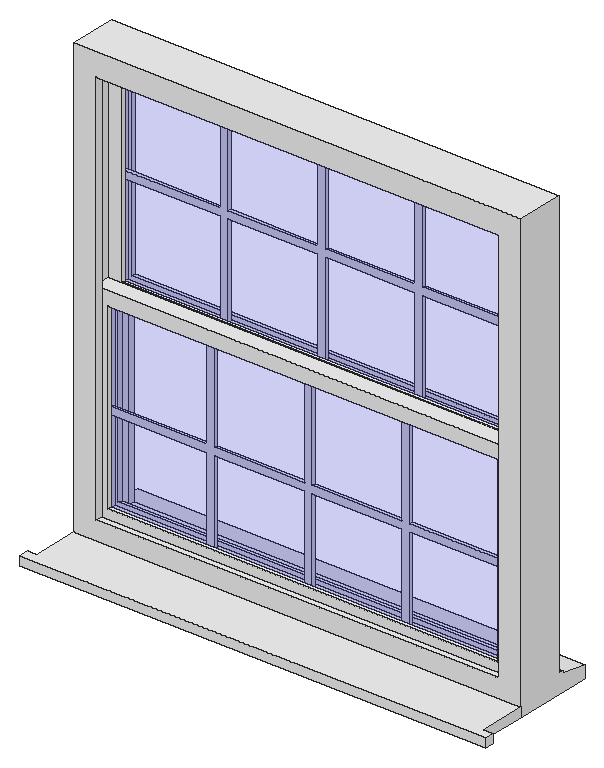
Revit family
Parameters
  Wrap Layers (Ext) from Ext = 102.5 mm
  Wrap Layers (Int) from Ext = 177.5 mm
  Window Board Projection = 25.0 mm
  Window Board Extension = 25.0 mm
  Vis - Glazing Bars = yes
  Vis - Cavity Closers = yes
  Rough Width = Width  # 1200.0 mm
  Rough Height = Height  # 1200.0 mm
  Material Trim = Window Frame
  Material Glazing Bars = Window Frame
  Material Glass = Glass
  Material Frame = Window Frame
  Manufacturer = "Revit"
  Height = 1200.0 mm
  Wall Closure = (empty or 0)
  Width = 1200.0 mm
  Glazing Thickness = 24.0 mm
  Glazing Bar Thickness = 20.0 mm
  FrameOffset - External = 68.0 mm
  Frame Depth = 90.0 mm
  Default Head Height = 2110.0 mm
  Cill Depth = 87.5 mm
  Cavity Closer Width = 50.0 mm
  Cavity Closer Offset from Ext = 102.5 mm
  Cavity Closer Depth = 85.0 mm
Reference planes
  plane 1: y = 0
  plane 2 "Center (Left/Right)": x = -285
  plane 3 "Left": x = -885
  plane 4 "Right": x = 315
  plane 5 "Cill": z = 910
  plane 6 "Head": z = 2110
  plane 7 "Exterior": y = 158.457
  plane 8 "Interior": y = -141.543
  plane 9 "Back of Window": y = 0.457
  plane 10 "Wall Closure": y = 55.957
  plane 11 "Front Cill": y = 195.957
  plane 12 "Front Window Board": y = -166.543
  plane 13 "RHS Window Board": x = 340
  plane 14 "LHS Window Board": x = -910
  plane 15 "Ext Leaf Back": y = 55.957
  plane 16 "Face Window": y = 108.457
  plane 17 "Front of Window": y = 90.457
  plane 18 "C/L window": y = 45.457
  plane 19: z = 1510
  plane 20: y = 22.957
  plane 21: y = 67.957
  plane 22: x = -23.536
  plane 23: x = -546.464
  plane 24: z = 1235.25
  plane 25: z = 1783.964
  plane 26: y = -19.043
  plane 27: x = 237.929
  plane 28: x = -807.929
  plane 29: z = 2032.929
  plane 30: z = 1535
  plane 31: z = 1497.5
  plane 32: z = 973
Forms (mm)
  Extrusion 1, solid, material "Window Frame" <- "Material Trim", detail levels medium+fine
    sketch origin (0, 0, 910) x (0, -1, 0) y (-1, 0, 0)
      loop
        line (141.543, 910) -> (141.543, 885) -> (17.543, 885) -> (17.543, -315) -> (141.543, -315) -> (141.543, -340) -> (166.543, -340) -> (166.543, 910) -> (141.543, 910)
    from 0 to -25
  Extrusion 2, solid, material "Window Frame" <- "Material Frame"
    sketch origin (-285, 0, 0) x (0, 1, 0) y (0, 0, 1)
      loop
        line (-17.543, 910) -> (195.957, 910) -> (195.957, 943.809) -> (123.457, 956.555) -> (123.457, 960.271) -> (108.457, 961) -> (108.457, 973) -> (0.457, 973) -> (0.457, 985) -> (-17.543, 985) -> (-17.543, 910)
    from 600 to -600
  Sweep 3, solid, material "Window Frame" <- "Material Frame"
    path origin (0, 0.457, 0) x (1, 0, 0) y (0, 0, 1)
      loop
        line (-885, 973) -> (-885, 2110) -> (315, 2110) -> (315, 973)
    profile origin (0, 0, 1541.5) x (-1, 0, 0) y (0, -1, 0)
      loop
        line (885, 17.543) -> (825, 17.543) -> (825, -0.457) -> (845, -0.457) -> (845, -90.457) -> (825, -90.457) -> (825, -108.457) -> (885, -108.457) -> (885, 17.543)
  Sweep 4, solid, material "Window Frame" <- "Material Frame"
    path origin (0, 0.457, 0) x (1, 0, 0) y (0, 0, 1)
      loop
        line (285, 1545) -> (-855, 1545) -> (-855, 963) -> (285, 963) -> (285, 1545)
    profile origin (0, 0, 1254) x (0, -1, 0) y (1, 0, 0)
      loop
        line (-0.457, -845) -> (-0.457, -807.929) -> (-10.957, -807.929) -> (-10.957, -817.929) -> (-34.957, -817.929) -> (-34.957, -807.929) -> (-45.457, -807.929) -> (-45.457, -845) -> (-0.457, -845)
  Sweep 5, solid, material "Window Frame" <- "Material Frame"
    path origin (0, 90.457, 0) x (1, 0, 0) y (0, 0, 1)
      loop
        line (285, 2080.429) -> (-855, 2080.429) -> (-855, 1487.5) -> (285, 1487.5) -> (285, 2080.429)
    profile origin (0, 0, 1783.964) x (0, -1, 0) y (1, 0, 0)
      loop
        line (-45.457, -845) -> (-45.457, -807.929) -> (-55.957, -807.929) -> (-55.957, -817.929) -> (-79.957, -817.929) -> (-79.957, -807.929) -> (-90.457, -807.929) -> (-90.457, -845) -> (-45.457, -845)
  Extrusion 6, solid, material "Window Frame" <- "Material Frame", visible <- "Vis - Glazing Bars"
    sketch origin (0, 67.957, 0) x (-1, 0, 0) y (0, 0, 1)
      loop
        line (13.536, 1000.071) -> (33.536, 1000.071) -> (33.536, 1225.25) -> (275, 1225.25) -> (275, 1000.071) -> (295, 1000.071) -> (295, 1225.25) -> (536.464, 1225.25) -> (536.464, 1000.071) -> (556.464, 1000.071) -> (556.464, 1225.25) -> (817.929, 1225.25) -> (817.929, 1245.25) -> (556.464, 1245.25) -> (556.464, 1507.929) -> (536.464, 1507.929) -> (536.464, 1245.25) -> (295, 1245.25) -> (295, 1507.929) -> (275, 1507.929) -> (275, 1245.25) -> (33.536, 1245.25) -> (33.536, 1507.929) -> (13.536, 1507.929) -> (13.536, 1245.25) -> (-247.929, 1245.25) -> (-247.929, 1225.25) -> (13.536, 1225.25) -> (13.536, 1000.071)
    from -41 to -49
  Extrusion 7, solid, material "Window Frame" <- "Material Frame", visible <- "Vis - Glazing Bars"
    sketch origin (0, 67.957, 0) x (-1, 0, 0) y (0, 0, 1)
      loop
        line (13.536, 1524.571) -> (33.536, 1524.571) -> (33.536, 1773.964) -> (275, 1773.964) -> (275, 1524.571) -> (295, 1524.571) -> (295, 1773.964) -> (536.464, 1773.964) -> (536.464, 1524.571) -> (556.464, 1524.571) -> (556.464, 1773.964) -> (817.929, 1773.964) -> (817.929, 1793.964) -> (556.464, 1793.964) -> (556.464, 2042.929) -> (536.464, 2042.929) -> (536.464, 1793.964) -> (295, 1793.964) -> (295, 2042.929) -> (275, 2042.929) -> (275, 1793.964) -> (33.536, 1793.964) -> (33.536, 2042.929) -> (13.536, 2042.929) -> (13.536, 1793.964) -> (-247.929, 1793.964) -> (-247.929, 1773.964) -> (13.536, 1773.964) -> (13.536, 1524.571)
    from 4 to -4
  Extrusion 8, solid, material "Glass" <- "Material Glass"
    sketch origin (247.929, 34.957, 1507.929) x (-1, 0, 0) y (0, 0, -1)
      loop
        line (1065.858, 507.858) -> (0, 507.858) -> (0, 0) -> (1065.858, 0) -> (1065.858, 507.858)
    from 0 to 24 <- "Glazing Thickness"
  Extrusion 9, solid, material "Glass" <- "Material Glass"
    sketch origin (247.929, 79.957, 2043.358) x (-1, 0, 0) y (0, 0, -1)
      loop
        line (0, 0.429) -> (1065.858, 0.429) -> (1065.858, 518.787) -> (0, 518.787) -> (0, 0.429)
    from 0 to 24 <- "Glazing Thickness"
Cuts and joins
  joined: Extrusion 2, Sweep 3
Lines and regions (mm)
  Opening 1
    outline origin (-5000, -141.543, 0) x (1, 0, 0) y (0, 0, 1)
      loop
        line (5315, 2110) -> (4115, 2110) -> (4115, 910) -> (5315, 910) -> (5315, 2110)
  symbolic lines, style "WindowsFrameMullionProjection", detail levels coarse
    curve 1: line (285, 0, 2080) -> (285, 0, 963)
    curve 2: line (285, 0, 963) -> (-855, 0, 963)
    curve 3: line (-855, 0, 963) -> (-855, 0, 2080)
    curve 4: line (-855, 0, 2080) -> (285, 0, 2080)
    curve 5: line (-860, 0, 943.809) -> (290, 0, 943.809)
  symbolic lines, style "Windows"
    curve 6: line (-885, 108.457, 0) -> (-885, 25.457, 0)
    curve 7: line (315, 25.457, 0) -> (315, 108.457, 0)
    curve 8: line (-825, -17.543, 0) -> (-825, 108.457, 0)
    curve 9: line (255, -17.543, 0) -> (255, 108.457, 0)
    curve 10: line (-825, 45.457, 0) -> (255, 45.457, 0)
  symbolic lines, style "Cavity Closer", visible <- "Vis - Cavity Closers", detail levels medium+fine
    curve 11: line (-885, 55.957, 0) -> (-935, 55.957, 0)
    curve 12: line (-885, -29.043, 0) -> (-885, 55.957, 0)
    curve 13: line (-935, -29.043, 0) -> (-885, -29.043, 0)
    curve 14: line (-935, 55.957, 0) -> (-935, -29.043, 0)
    curve 15: line (-885, -29.043, 0) -> (-935, 55.957, 0)
    curve 16: line (-935, -29.043, 0) -> (-885, 55.957, 0)
    curve 17: line (315, 55.957, 0) -> (365, 55.957, 0)
    curve 18: line (315, -29.043, 0) -> (315, 55.957, 0)
    curve 19: line (365, -29.043, 0) -> (315, -29.043, 0)
    curve 20: line (365, 55.957, 0) -> (365, -29.043, 0)
    curve 21: line (315, -29.043, 0) -> (365, 55.957, 0)
    curve 22: line (365, -29.043, 0) -> (315, 55.957, 0)
  symbolic lines, detail levels coarse
    curve 23: line (-807.929, 0, 1497.5) -> (237.929, 0, 1497.5)
    curve 24: line (237.929, 0, 1497.5) -> (237.929, 0, 1010.071)
    curve 25: line (237.929, 0, 1010.071) -> (-807.929, 0, 1010.071)
    curve 26: line (-807.929, 0, 1010.071) -> (-807.929, 0, 1497.5)
    curve 27: line (237.929, 0, 2033.358) -> (237.929, 0, 1524.571)
    curve 28: line (237.929, 0, 1524.571) -> (-807.929, 0, 1524.571)
    curve 29: line (-807.929, 0, 1524.571) -> (-807.929, 0, 2033.358)
    curve 30: line (-807.929, 0, 2033.358) -> (237.929, 0, 2033.358)
  symbolic lines, style "Glazing Bars", visible <- "Vis - Glazing Bars", detail levels coarse
    curve 31: line (237.929, 0, 1783.964) -> (-807.929, 0, 1783.964)
    curve 32: line (237.929, 0, 1235.25) -> (-807.929, 0, 1235.25)
    curve 33: line (-23.536, 0, 1497.5) -> (-23.536, 0, 1010.071)
    curve 34: line (-285, 0, 1497.5) -> (-285, 0, 1010.071)
    curve 35: line (-546.464, 0, 1497.5) -> (-546.464, 0, 1010.071)
    curve 36: line (-23.536, 0, 1524.571) -> (-23.536, 0, 2033.358)
    curve 37: line (-285, 0, 1524.571) -> (-285, 0, 2033.358)
    curve 38: line (-546.464, 0, 1524.571) -> (-546.464, 0, 2033.358)
  symbolic lines, style "Glazing Bars", visible <- "Vis - Glazing Bars", detail levels medium+fine
    curve 39: line (-556.464, 0, 1793.964) -> (-556.464, 0, 2033.358)
    curve 40: line (-807.929, 0, 1793.964) -> (-556.464, 0, 1793.964)
    curve 41: line (-556.464, 0, 1773.964) -> (-807.929, 0, 1773.964)
    curve 42: line (-556.464, 0, 1534.571) -> (-556.464, 0, 1773.964)
    curve 43: line (-536.464, 0, 1773.964) -> (-536.464, 0, 1534.571)
    curve 44: line (-536.464, 0, 2033.358) -> (-536.464, 0, 1793.964)
    curve 45: line (-295, 0, 1773.964) -> (-536.464, 0, 1773.964)
    curve 46: line (-536.464, 0, 1793.964) -> (-295, 0, 1793.964)
    curve 47: line (-295, 0, 1793.964) -> (-295, 0, 2033.358)
    curve 48: line (-275, 0, 2033.358) -> (-275, 0, 1793.964)
    curve 49: line (-275, 0, 1773.964) -> (-275, 0, 1534.571)
    curve 50: line (-295, 0, 1534.571) -> (-295, 0, 1773.964)
    curve 51: line (-275, 0, 1793.964) -> (-33.536, 0, 1793.964)
    curve 52: line (-33.536, 0, 1773.964) -> (-275, 0, 1773.964)
    curve 53: line (-33.536, 0, 1793.964) -> (-33.536, 0, 2033.358)
    curve 54: line (-33.536, 0, 1534.571) -> (-33.536, 0, 1773.964)
    curve 55: line (-13.536, 0, 2033.358) -> (-13.536, 0, 1793.964)
    curve 56: line (-13.536, 0, 1773.964) -> (-13.536, 0, 1534.571)
    curve 57: line (-13.536, 0, 1793.964) -> (237.929, 0, 1793.964)
    curve 58: line (237.929, 0, 1773.964) -> (-13.536, 0, 1773.964)
    curve 59: line (-13.536, 0, 1245.25) -> (237.929, 0, 1245.25)
    curve 60: line (237.929, 0, 1225.25) -> (-13.536, 0, 1225.25)
    curve 61: line (-13.536, 0, 1497.5) -> (-13.536, 0, 1245.25)
    curve 62: line (-13.536, 0, 1225.25) -> (-13.536, 0, 1010.071)
    curve 63: line (-33.536, 0, 1010.071) -> (-33.536, 0, 1225.25)
    curve 64: line (-33.536, 0, 1245.25) -> (-33.536, 0, 1497.5)
    curve 65: line (-275, 0, 1245.25) -> (-33.536, 0, 1245.25)
    curve 66: line (-33.536, 0, 1225.25) -> (-275, 0, 1225.25)
    curve 67: line (-275, 0, 1497.5) -> (-275, 0, 1245.25)
    curve 68: line (-275, 0, 1225.25) -> (-275, 0, 1010.071)
    curve 69: line (-295, 0, 1010.071) -> (-295, 0, 1225.25)
    curve 70: line (-295, 0, 1245.25) -> (-295, 0, 1497.5)
    curve 71: line (-536.464, 0, 1245.25) -> (-295, 0, 1245.25)
    curve 72: line (-295, 0, 1225.25) -> (-536.464, 0, 1225.25)
    curve 73: line (-536.464, 0, 1497.5) -> (-536.464, 0, 1245.25)
    curve 74: line (-536.464, 0, 1225.25) -> (-536.464, 0, 1010.071)
    curve 75: line (-556.464, 0, 1010.071) -> (-556.464, 0, 1225.25)
    curve 76: line (-556.464, 0, 1245.25) -> (-556.464, 0, 1497.5)
    curve 77: line (-807.929, 0, 1245.25) -> (-556.464, 0, 1245.25)
    curve 78: line (-556.464, 0, 1225.25) -> (-807.929, 0, 1225.25)
  symbolic lines, style "WindowsSillHeadProjection"
    curve 79: line (315, 195.957, 0) -> (-885, 195.957, 0)
    curve 80: line (-885, 195.957, 0) -> (-885, 158.457, 0)
    curve 81: line (315, 158.457, 0) -> (315, 195.957, 0)
  symbolic lines
    curve 82: line (315, 108.457, 0) -> (-885, 108.457, 0)
    curve 83: line (-885, -17.543, 0) -> (315, -17.543, 0)
Text (mm)
  text "EXTERIOR" at (-1415.209, 454.062, 0), in view "Ref. Level"
  text "INTERIOR" at (-1415.209, -367.981, 0), in view "Ref. Level"
  text "Exterior" at (0, 923.751, 2943.296), in view "Right"
  text "Exterior" at (0, 1040.484, 2685.409), in view "Left"
Dimensions and locks
  equal spacing: plane 3 "Left", plane 2 "Center (Left/Right)", plane 4 "Right"
  "Width": plane 3 "Left" to plane 4 "Right"
  "Height": plane 5 "Cill" to plane 6 "Head"
  "Default Head Height": plane 6 "Head" to level
  locked: plane 7 "Exterior" to host wall at 0
  locked: plane 8 "Interior" to host wall
  "Window Board Projection": plane 12 "Front Window Board" to plane 8 "Interior"
  "Window Board Extension": plane 14 "LHS Window Board" to plane 3 "Left"
  "Window Board Extension": plane 4 "Right" to plane 13 "RHS Window Board"
  "Cavity Closer Offset from Ext": plane 15 "Ext Leaf Back" to plane 7 "Exterior"
  Extrusion 2 sketch curve to Extrusion 2 sketch curve = 12.0 mm
  "Cavity Closer Depth": curve 11 to curve 13
  "Cavity Closer Width": curve 14 to plane 3 "Left"
  "Cavity Closer Depth": curve 17 to curve 19
  "Cavity Closer Width": plane 4 "Right" to curve 20
  "Cill Depth": plane 16 "Face Window" to plane 11 "Front Cill"
  "Frame Depth": plane 9 "Back of Window" to plane 17 "Front of Window"
  equal spacing: plane 5 "Cill", plane 19, plane 6 "Head"
  equal spacing: plane 9 "Back of Window", plane 20, plane 18 "C/L window", plane 21, plane 17 "Front of Window"
  equal spacing: Sweep 4 sketch curve, plane 20, Sweep 4 sketch curve
  "Glazing Thickness": Sweep 4 sketch curve to Sweep 4 sketch curve
  locked: Extrusion 2 sketch curve to plane 9 "Back of Window" at 18
  locked: plane 17 "Front of Window" to Sweep 3 sketch curve at 18
  "FrameOffset - External": plane 17 "Front of Window" to plane 7 "Exterior"
  locked: plane 17 "Front of Window" to Extrusion 2 sketch curve at 18
  locked: Extrusion 2 sketch curve to Extrusion 2 sketch curve at 15
  locked: plane 19 to Sweep 4 sketch curve at 35
  locked: Sweep 5 sketch curve to plane 19 at 22.5
  "Glazing Thickness": Sweep 5 sketch curve to Sweep 5 sketch curve
  locked: Sweep 5 sketch curve to Sweep 5 sketch curve at 10
  Sweep 5 sketch curve to Sweep 5 sketch curve = 37.071 mm
  equal spacing: Sweep 5 sketch curve, plane 21, Sweep 5 sketch curve
  equal spacing: Extrusion 6 sketch curve, plane 22, Extrusion 6 sketch curve
  "Glazing Bar Thickness": Extrusion 6 sketch curve to Extrusion 6 sketch curve  (x4)
  equal spacing: Extrusion 6 sketch curve, plane 24, Extrusion 6 sketch curve
  equal spacing: Extrusion 6 sketch curve, plane 2 "Center (Left/Right)", Extrusion 6 sketch curve
  equal spacing: Extrusion 6 sketch curve, plane 23, Extrusion 6 sketch curve
  Extrusion 6 to Extrusion 6 = 8.0 mm
  equal spacing: Extrusion 7 sketch curve, plane 25, Extrusion 7 sketch curve
  equal spacing: Extrusion 7 sketch curve, plane 22, Extrusion 7 sketch curve
  equal spacing: Extrusion 7 sketch curve, plane 2 "Center (Left/Right)", Extrusion 7 sketch curve
  equal spacing: Extrusion 7 sketch curve, plane 23, Extrusion 7 sketch curve
  "Glazing Bar Thickness": Extrusion 7 sketch curve to Extrusion 7 sketch curve  (x4)
  Extrusion 7 to Extrusion 7 = 8.0 mm
  "Cill Depth": Extrusion 2 sketch curve to Extrusion 2 sketch curve
  "Wrap Layers (Ext) from Ext": plane 10 "Wall Closure" to plane 7 "Exterior"
  "Wrap Layers (Int) from Ext": plane 26 to plane 7 "Exterior"
  locked: plane 5 "Cill" to plane 32 at 63
  plane 31 to plane 19 to plane 30 = 12.5 mm locked, 25.0 mm locked
  equal spacing: plane 32, plane 24, plane 31
  equal spacing: plane 30, plane 25, plane 29
  locked: plane 29 to plane 6 "Head" at 77.071
  locked: plane 27 to plane 4 "Right" at 77.071
  locked: plane 28 to plane 3 "Left" at 77.071
  equal spacing: plane 27, plane 22, plane 2 "Center (Left/Right)"
  equal spacing: plane 2 "Center (Left/Right)", plane 23, plane 28
  aligned and locked: plane 3 "Left" to Extrusion 1 sketch curve
  aligned and locked: Extrusion 1 sketch curve to plane 8 "Interior"  (x2)
  aligned and locked: Extrusion 1 sketch curve to plane 13 "RHS Window Board"
  aligned and locked: Extrusion 1 to plane 12 "Front Window Board"
  aligned and locked: plane 14 "LHS Window Board" to Extrusion 1 sketch curve
  aligned and locked: Extrusion 2 sketch curve to plane 5 "Cill"
  aligned and locked: plane 3 "Left" to Extrusion 2
  aligned and locked: Extrusion 2 to plane 4 "Right"
  aligned and locked: Extrusion 2 to curve 5
  aligned and locked: Sweep 3 to curve 8
  aligned and locked: curve 9 to Sweep 3
  aligned and locked: plane 3 "Left" to nested 1
  aligned and locked: curve 12 to plane 3 "Left"
  aligned and locked: plane 4 "Right" to nested 2
  aligned and locked: curve 18 to plane 4 "Right"
  aligned and locked: Sweep 3 sketch curve to Sweep 3 sketch curve
  aligned and locked: Sweep 3 sketch curve to plane 17 "Front of Window"
  aligned and locked: Sweep 3 sketch curve to plane 9 "Back of Window"
  aligned and locked: Sweep 4 sketch curve to plane 18 "C/L window"
  aligned and locked: plane 9 "Back of Window" to Extrusion 2 sketch curve
  aligned and locked: plane 18 "C/L window" to Sweep 5 sketch curve
  aligned and locked: Sweep 5 sketch curve to plane 17 "Front of Window"
  aligned and locked: Sweep 5 sketch curve to Sweep 5 sketch curve
  aligned and locked: Extrusion 6 sketch curve to Extrusion 6 sketch curve  (x12)
  aligned and locked: Extrusion 7 sketch curve to Extrusion 7 sketch curve  (x12)
  aligned and locked: plane 25 to curve 31
  aligned and locked: plane 24 to curve 32
  aligned and locked: plane 22 to curve 33
  aligned and locked: plane 23 to curve 35
  aligned and locked: curve 36 to plane 22
  aligned and locked: curve 37 to plane 2 "Center (Left/Right)"
  aligned and locked: curve 38 to plane 23
  aligned and locked: curve 39 to Extrusion 7
  aligned and locked: Extrusion 7 to curve 40
  aligned and locked: curve 41 to Extrusion 7
  aligned and locked: Extrusion 7 to curve 42
  aligned and locked: curve 43 to Extrusion 7
  aligned and locked: Extrusion 7 to curve 44
  aligned and locked: curve 45 to Extrusion 7
  aligned and locked: curve 46 to Extrusion 7
  aligned and locked: curve 47 to Extrusion 7
  aligned and locked: Extrusion 7 to curve 48
  aligned and locked: curve 49 to Extrusion 7
  aligned and locked: Extrusion 7 to curve 50
  aligned and locked: curve 51 to Extrusion 7
  aligned and locked: curve 52 to Extrusion 7
  aligned and locked: curve 53 to Extrusion 7
  aligned and locked: Extrusion 7 to curve 54
  aligned and locked: Extrusion 7 to curve 55
  aligned and locked: curve 56 to Extrusion 7
  aligned and locked: curve 57 to Extrusion 7
  aligned and locked: Extrusion 7 to curve 58
  aligned and locked: curve 59 to Extrusion 6
  aligned and locked: Extrusion 6 to curve 60
  aligned and locked: Extrusion 6 to curve 61
  aligned and locked: curve 62 to Extrusion 6
  aligned and locked: Extrusion 6 to curve 63
  aligned and locked: curve 64 to Extrusion 6
  aligned and locked: curve 65 to Extrusion 6
  aligned and locked: curve 66 to Extrusion 6
  aligned and locked: Extrusion 6 to curve 67
  aligned and locked: curve 68 to Extrusion 6
  aligned and locked: Extrusion 6 to curve 69
  aligned and locked: curve 70 to Extrusion 6
  aligned and locked: curve 71 to Extrusion 6
  aligned and locked: curve 72 to Extrusion 6
  aligned and locked: Extrusion 6 to curve 73
  aligned and locked: curve 74 to Extrusion 6
  aligned and locked: Extrusion 6 to curve 75
  aligned and locked: curve 76 to Extrusion 6
  aligned and locked: Extrusion 6 to curve 77
  aligned and locked: curve 78 to Extrusion 6
  aligned and locked: curve 79 to cut or joined group of Extrusion 2, Sweep 3
  aligned and locked: curve 80 to cut or joined group of Extrusion 2, Sweep 3
  aligned and locked: cut or joined group of Extrusion 2, Sweep 3 to curve 81
  aligned and locked: curve 82 to cut or joined group of Extrusion 2, Sweep 3
  aligned and locked: curve 83 to cut or joined group of Extrusion 2, Sweep 3
  aligned and locked: Sweep 5 to curve 10
  aligned and locked: curve 25 to Sweep 4
  aligned and locked: curve 24 to Sweep 4
  aligned and locked: curve 26 to Sweep 4
  aligned and locked: curve 23 to Sweep 5
  aligned and locked: curve 27 to Sweep 5
  aligned and locked: curve 29 to Sweep 5
  aligned and locked: curve 30 to Sweep 5
  aligned and locked: nested 2 to plane 15 "Ext Leaf Back"
  aligned and locked: nested 1 to plane 15 "Ext Leaf Back"
  aligned and locked: plane 15 "Ext Leaf Back" to curve 11
  aligned and locked: plane 15 "Ext Leaf Back" to curve 17
Automatic sketch dimensions
  Extrusion 1 sketch curve to plane 4 "Right" = 0.0 mm
  plane 9 "Back of Window" to Extrusion 1 sketch curve = 18.0 mm
  Extrusion 1 sketch curve to plane 12 "Front Window Board" = 0.0 mm
  Sweep 3 sketch curve to plane 3 "Left" = 0.0 mm
  Sweep 3 sketch curve to plane 4 "Right" = 0.0 mm
  Sweep 3 sketch curve to plane 6 "Head" = 0.0 mm
  Sweep 3 sketch curve to plane 5 "Cill" = 63.0 mm  (x2)
  Sweep 3 sketch curve to profile plane = 0.0 mm
  profile plane to Sweep 3 sketch curve = 40.0 mm
  plane 9 "Back of Window" to Sweep 3 sketch curve = 18.0 mm
  Sweep 3 sketch curve to Sweep 3 sketch curve = 20.0 mm
  Sweep 4 sketch curve to plane 9 "Back of Window" = 0.0 mm
  Sweep 4 sketch curve to profile plane = 10.0 mm
  Sweep 4 sketch curve to Sweep 4 sketch curve = 27.071 mm
  Sweep 4 sketch curve to Sweep 4 sketch curve = 10.0 mm  (x2)
  Extrusion 2 sketch curve to plane 5 "Cill" = 33.809 mm
  Extrusion 2 sketch curve to plane 5 "Cill" = 46.555 mm
  Extrusion 2 sketch curve to Extrusion 2 sketch curve = 3.716 mm
  Extrusion 2 sketch curve to Extrusion 2 sketch curve = 0.729 mm
  Extrusion 2 sketch curve to Extrusion 2 sketch curve = 12.0 mm
  Sweep 4 sketch curve to plane 3 "Left" = 30.0 mm
  plane 4 "Right" to Sweep 4 sketch curve = 30.0 mm
  Sweep 4 sketch curve to plane 5 "Cill" = 53.0 mm
  Sweep 5 sketch curve to plane 3 "Left" = 30.0 mm
  plane 4 "Right" to Sweep 5 sketch curve = 30.0 mm
  plane 6 "Head" to Sweep 5 sketch curve = 29.571 mm
  Sweep 5 sketch curve to profile plane = 10.0 mm
  plane 19 to Extrusion 6 sketch curve = 2.071 mm  (x3)
  Extrusion 6 sketch curve to plane 5 "Cill" = 90.071 mm  (x3)
  curve 34 to plane 2 "Center (Left/Right)" = 0.0 mm
  plane 6 "Head" to curve 1 = 30.0 mm
  curve 2 to curve 5 = 19.191 mm
  curve 4 to plane 3 "Left" = 30.0 mm
  plane 4 "Right" to curve 4 = 30.0 mm
  curve 43 to curve 38 = 10.0 mm
  curve 42 to curve 38 = 10.0 mm
  curve 50 to curve 37 = 10.0 mm
  curve 49 to curve 37 = 10.0 mm
  curve 54 to curve 36 = 10.0 mm
  curve 56 to curve 36 = 10.0 mm
  plane 4 "Right" to Extrusion 6 sketch curve = 67.071 mm
  Extrusion 6 sketch curve to plane 3 "Left" = 67.071 mm
  plane 4 "Right" to Extrusion 8 sketch curve = 67.071 mm
  plane 19 to Extrusion 8 sketch curve = 2.071 mm
  Extrusion 8 sketch curve to plane 3 "Left" = 67.071 mm
  Extrusion 8 sketch curve to plane 5 "Cill" = 90.071 mm
  curve 42 to plane 19 = 24.571 mm
  plane 4 "Right" to Extrusion 7 sketch curve = 67.071 mm
  Extrusion 7 sketch curve to plane 3 "Left" = 67.071 mm
  Extrusion 7 sketch curve to plane 19 = 14.571 mm  (x3)
  plane 6 "Head" to Extrusion 7 sketch curve = 67.071 mm  (x3)
  Extrusion 9 sketch curve to plane 19 = 14.571 mm
  plane 4 "Right" to Extrusion 9 sketch curve = 67.071 mm
  Extrusion 9 sketch curve to plane 3 "Left" = 67.071 mm
  plane 6 "Head" to Extrusion 9 sketch curve = 67.071 mm
  curve 5 to curve 2 = 5.0 mm
  curve 1 to curve 5 = 5.0 mm
  Opening 1 sketch curve to plane 3 "Left" = 0.0 mm
  Opening 1 sketch curve to plane 4 "Right" = 0.0 mm
  Opening 1 sketch curve to plane 5 "Cill" = 0.0 mm
  Opening 1 sketch curve to plane 6 "Head" = 0.0 mm
  curve 82 to plane 3 "Left" = 0.0 mm
  curve 83 to plane 3 "Left" = 0.0 mm
  curve 82 to plane 4 "Right" = 0.0 mm
  curve 83 to plane 4 "Right" = 0.0 mm
  curve 80 to host wall = 0.0 mm
  curve 81 to host wall = 0.0 mm
  curve 6 to plane 20 = 2.5 mm
  curve 7 to plane 20 = 2.5 mm
Nested families
  nested 1: "UK_Cavity Closer" at (-935, 55.957, 0), visible <- "Vis - Cavity Closers", type "UK_Cavity Closer", detail levels medium+fine
  nested 2: "UK_Cavity Closer" at (365, 55.957, 0) x (-1, 0, 0) z (0, 0, 1), visible <- "Vis - Cavity Closers", type "UK_Cavity Closer", detail levels medium+fine
Definition of nested family "UK_Cavity Closer"
  Parameters
    Closer Width = 50.0 mm
    Closer Depth = 75.0 mm
  Reference planes
    plane 1 "Center (Front/Back)": y = 0
    plane 2: z = 0
    plane 3 "Center (Left/Right)": x = 0
    plane 4: x = 50, in view "Ref. Level"
    plane 5: y = -75, in view "Ref. Level"
  Lines and regions (mm)
    Masking region 1, in view "Ref. Level"
      outline origin (0, 0, 0) x (1, 0, 0) y (0, 1, 0)
        loop
          line (0, 0) -> (0, -75) -> (50, -75) -> (50, 0) -> (0, 0)
  Dimensions and locks
    "Closer Width": plane 3 "Center (Left/Right)" to plane 4
    "Closer Depth": plane 5 to plane 1 "Center (Front/Back)"
  Automatic sketch dimensions
    Masking region 1 sketch curve to plane 3 "Center (Left/Right)" = 0.0 mm
    Masking region 1 sketch curve to plane 4 = 0.0 mm
    Masking region 1 sketch curve to plane 5 = 0.0 mm
    Masking region 1 sketch curve to plane 1 "Center (Front/Back)" = 0.0 mm
